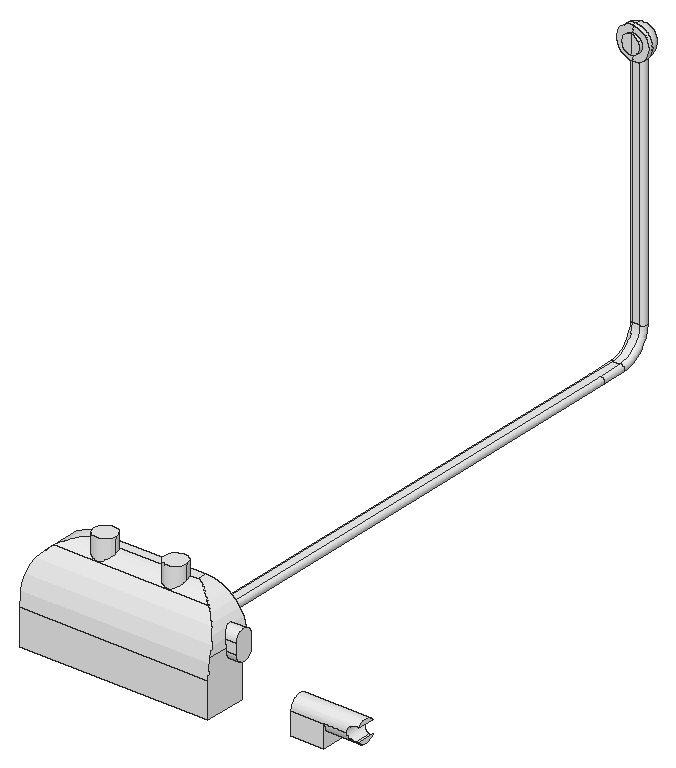
Revit family "Shower_System-Grohe-263790000", category Plumbing Fixtures, host Face, Revit 2018
Family settings
  Host = Face
  Round Connector Dimension = Use Diameter
  Part Type = Normal
  OmniClass Number = 23.45.05.14.17
  OmniClass Title = Showers
  Cut with Voids When Loaded = No
  Shared = Yes
  Room Calculation Point = No
Parameters (values of type "2637900000")
  Width = 7 3/8"
  Waste Connection = no
  Warranty Information = "Limited Lifetime Warranty"  # constant formula
  WFU = 4  # constant formula
  Vent Connection = no
  URL = "https://www.grohe.us/"
  Type Comments = ""
  Product Page URL = "https://www.grohe.us/Shower-Systems/Thermostatic-Shower-System/GROHE-CHROME-26379000"
  Product Documentation Link = "https://americanstandard.box.com/shared/static/j9remejnx6b91qgpwrghvku3dx3o4hbu.pdf"
  Price = "Prices may vary. Please consult Manufacturer Representative for most up-to-date price list."  # constant formula
  Model = "26379000"
  Material = "Metal-Grohe-000-StarLight Chrome"
  Manufacturer = "Grohe"  # constant formula
  Length = 13 13/16"
  Installation Type = "Wall-Mounted"  # constant formula
  Hot Water Connection Diameter = 1/2"  # constant formula
  Height = 42 15/16"
  HWFU = 3  # constant formula
  HW Connection = yes
  Flow Rate = "2.5 GPM"  # constant formula
  Description = "Shower System with Thermostat for Wall Mount"  # constant formula
  Default Elevation = 0"
  Creation Date = "03/23/2021"  # constant formula
  Cold Water Connection Diameter = 1/2"  # constant formula
  CWFU = 3  # constant formula
  CW Connection = yes
  Body Material = Metal-Grohe-000-StarLight Chrome
  Assembly Code = "D2010710"
Reference planes (in)
  plane 1 "Center (Front/Back)": y = 0
  plane 2: z = 0
  plane 3 "Center (Left/Right)": x = 0
  plane 4: y = 39.625
  plane 5: y = 1.40625
  plane 6: y = -1.40625
  plane 7: x = -6.40625
  plane 8: x = 7.40625
  plane 9: x = 6.40625
  plane 10: z = 0.25
  plane 11: z = 0.75
  plane 12: z = 0.5
  plane 13: x = 58.03955
  plane 14: y = 39.625
  plane 15: y = 42.9375
  plane 16: z = 7.375
  plane 17: x = 12.40625
  plane 18: x = 13.90625
  plane 19: x = 10.90625
Forms (in)
  Extrusion 1, solid, material "Metal-Grohe-000-StarLight Chrome" <- "Body Material"
    sketch origin (0.68751, 0, 0) x (0, 1, 0) y (0, 0, -1)
      loop
        line (1.79262, 0) -> (-1.51428, 0) -> (-1.51428, -2.39043)
        arc (-1.51428, -2.39043) -> (-1.13075, -4.3111) -> (-0.03901, -5.93718) r 5.00109
        arc (-0.03901, -5.93718) -> (0.62544, -6.36236) -> (1.40625, -6.47465) r 1.86409
        line (1.40625, -6.47465) -> (1.79262, -6.47465) -> (1.79262, 0)
    from -5.71874 to 7.09376
  Extrusion 2, void
    sketch origin (0.68751, 0, 0) x (1, 0, 0) y (0, 0, 1)
      loop
        arc (2.9523, 6.47465) -> (4.90847, 5.66438) -> (5.71874, 3.70821) r 2.76644
        line (5.71874, 3.70821) -> (6.90625, 3.70821) -> (6.90625, 7.70821) -> (-7.34375, 7.70821) -> (-7.34375, 3.70821) -> (-7.09376, 3.70821)
        arc (-7.09376, 3.70821) -> (-6.28349, 5.66438) -> (-4.32732, 6.47465) r 2.76644
        line (-4.32732, 6.47465) -> (2.9523, 6.47465)
    from -1.79262 to 1.83055
  Extrusion 3, void
    sketch origin (0.68751, 0, 7) x (1, 0, 0) y (0, 0, 1)
      loop
        arc (-4.32732, -6.05823) -> (-6.28349, -5.24796) -> (-7.09376, -3.29179) r 2.76644
        line (-7.09376, -3.29179) -> (-7.34375, -3.29179) -> (-7.34375, -7) -> (5.96873, -7) -> (5.96873, -3.29179) -> (5.71874, -3.29179)
        arc (5.71874, -3.29179) -> (4.90847, -5.24796) -> (2.9523, -6.05823) r 2.76644
        line (2.9523, -6.05823) -> (-4.32732, -6.05823)
    from -1.79262 to -1.35765
  Extrusion 4, solid, material "Metal-Grohe-000-StarLight Chrome" <- "Body Material"
    sketch origin (0, 0, 0.0625) x (1, 0, 0) y (0, 0, 1)
      loop
        line (0.25, 0.6875) -> (-0.25, 0.6875)
        arc (-0.25, 0.6875) -> (-0.5, 0.4375) -> (-0.25, 0.1875) r 0.25
        line (-0.25, 0.1875) -> (0.25, 0.1875)
        arc (0.25, 0.1875) -> (0.5, 0.4375) -> (0.25, 0.6875) r 0.25
    from -39.625 to 1
  Sweep 5, solid, material "Metal-Grohe-000-StarLight Chrome" <- "Body Material"
    path origin (0, 4.48043, -0.02225) x (0, 1, 0) y (0, 0, 1)
      loop
        line (35.14457, 0.5) -> (36.85604, 0.5)
        arc (36.85604, 0.5) -> (38.19473, 1.08436) -> (38.7791, 2.42306) r 2
        line (38.7791, 2.42306) -> (38.7791, 19.67306)
    profile origin (0, 42.67516, 1.06211) x (0, -0.707107, 0.707107) y (1, 0, 0)
      loop
        arc (0.27225, 0.25) -> (0.02225, 0.5) -> (-0.22775, 0.25) r 0.25
        line (-0.22775, 0.25) -> (-0.22775, -0.25)
        arc (-0.22775, -0.25) -> (0.02225, -0.5) -> (0.27225, -0.25) r 0.25
        line (0.27225, -0.25) -> (0.27225, 0.25)
  Revolve 6, solid, material "Metal-Grohe-000-StarLight Chrome" <- "Body Material"
    sketch origin (0, 4.49592, 0) x (0, 1, 0) y (0, 0, 1)
      loop
        arc (39.56296, 19.66654) -> (39.24569, 20.45446) -> (38.46203, 20.7821) r 1.10103
        line (38.46203, 20.7821) -> (38.21203, 20.7821) -> (38.21203, 20.2821) -> (38.03035, 20.2821) -> (38.03035, 19.66654) -> (39.56296, 19.66654)
      axis (39.56296, 19.66654) -> (38.03035, 19.66654)
    angle from 0 to 360
  Extrusion 7, solid, material "Metal-Grohe-000-StarLight Chrome" <- "Body Material"
    sketch origin (-58.03955, -12.42802, 0) x (1, 0, 0) y (0, 1, 0)
      loop
        circle (55.63853, 12.42802) r 0.25
      loop
        circle (60.44058, 12.42802) r 0.25
    from -0.06193 to 0.5 <- "Hot Water Connection Diameter"
  Extrusion 8, solid, material "Metal-Grohe-000-StarLight Chrome" <- "Body Material"
    sketch origin (-58.03955, -12.33427, 0) x (1, 0, 0) y (0, 1, 0)
      loop
        circle (55.63853, 13.08427) r 0.75
      loop
        circle (60.44058, 13.08427) r 0.75
    from 5.76655 to 7.375
  Extrusion 9, solid, material "Metal-Grohe-000-StarLight Chrome" <- "Body Material"
    sketch origin (0, 0, 0) x (0, 1, 0) y (0, 0, 1)
      loop
        arc (1.25, 4.27487) -> (0.625, 4.89987) -> (0, 4.27487) r 0.625
        line (0, 4.27487) -> (0, 3.53403)
        arc (0, 3.53403) -> (0.625, 2.90903) -> (1.25, 3.53403) r 0.625
        line (1.25, 3.53403) -> (1.25, 4.27487)
    from 5.67461 to 7.14732
  Extrusion 10, solid, material "Metal-Grohe-000-StarLight Chrome" <- "Body Material"
    sketch origin (0, 0, 0.25) x (0, 1, 0) y (0, 0, 1)
      loop
        circle (0.70312, 1.25) r 0.75
    from 10.90625 to 15.3991
  Extrusion 11, solid, material "Metal-Grohe-000-StarLight Chrome" <- "Body Material"
    sketch origin (0, 0, 0) x (1, 0, 0) y (0, 1, 0)
      loop
        line (10.90625, 1.45312) -> (10.90625, -0.04688) -> (13.15625, -0.04688) -> (13.15625, 1.45312) -> (10.90625, 1.45312)
    from 0 to 1.50179
  Extrusion 12, void
    sketch origin (0.875, 42.98728, 2.40614) x (0, 0, -1) y (-1, 0, 0)
      loop
        circle (0.90704, -14.30084) r 0.5
    from -43.98728 to -41.19466
Cuts and joins
  Extrusion 2, Extrusion 3 cuts Extrusion 1
  joined: Extrusion 1, Extrusion 7, Extrusion 8, Extrusion 9
  joined: Extrusion 4, Sweep 5, Revolve 6
  Extrusion 12 cuts Extrusion 10
  joined: Extrusion 10, Extrusion 11
Lines and regions (in)
  Masking region 1
    outline origin (0, 0, 0) x (1, 0, 0) y (0, 0, 1)
      loop
        arc (0.50005, 18.66933) -> (1.08557, 19.92347) -> (0, 20.7821) r 1.11556
        arc (0, 20.7821) -> (-1.08564, 19.92315) -> (-0.49946, 18.66903) r 1.11556
        line (-0.49946, 18.66903) -> (-0.49946, 6.47465) -> (-1.65103, 6.47465) -> (-1.65103, 7.375) -> (-3.15103, 7.375) -> (-3.15103, 6.47465) -> (-3.63981, 6.47465)
        arc (-3.63981, 6.47465) -> (-5.59598, 5.66438) -> (-6.40625, 3.70821) r 2.76644
        line (-6.40625, 3.70821) -> (-6.40625, 0) -> (6.40625, 0) -> (6.40625, 2.90903) -> (7.14732, 2.90903) -> (7.14732, 4.89987) -> (6.13644, 4.89987)
        arc (6.13644, 4.89987) -> (5.1157, 6.04807) -> (3.63981, 6.47465) r 2.76644
        line (3.63981, 6.47465) -> (3.15193, 6.47465) -> (3.15193, 7.37651) -> (1.65193, 7.37651) -> (1.65193, 6.47465) -> (0.50005, 6.47465) -> (0.50005, 18.66933)
      loop
        line (10.90625, 0) -> (13.15625, 0) -> (13.15625, 0.75) -> (15.3991, 0.75) -> (15.3991, 2.25) -> (10.90625, 2.25) -> (10.90625, 0)
  symbolic lines, detail levels medium+fine
    curve 1: line (3.15193, 42.98728, 6.47465) -> (1.65193, 42.98728, 6.47465)
    curve 4: arc (6.40625, 42.98728, 3.70821) -> (5.59598, 42.98728, 1.75204) -> (3.63981, 42.98728, 0.94177) r 2.76644
    curve 5: line (3.63981, 42.98728, 0.94177) -> (0.50005, 42.98728, 0.94177)
    curve 6: arc (-3.63981, 42.98728, 0.94177) -> (-5.59598, 42.98728, 1.75204) -> (-6.40625, 42.98728, 3.70821) r 2.76644
    curve 9: line (0.50005, 42.98728, 0.25) -> (-0.49946, 42.98728, 0.25)
    curve 10: line (-1.65103, 42.98728, 6.47465) -> (-3.15103, 42.98728, 6.47465)
    curve 11: line (-0.49946, 42.98728, 0.94177) -> (-3.63981, 42.98728, 0.94177)
    curve 12: line (0.50005, 42.98728, 18.66933) -> (0.50005, 42.98728, 19.66933)
    curve 13: line (0.50005, 42.98728, 19.66933) -> (-0.49995, 42.98728, 19.66933)
    curve 14: line (-0.49995, 42.98728, 19.66933) -> (-0.49995, 42.98728, 18.66928)
  symbolic lines
    curve 2: arc (6.13644, 42.98728, 4.89987) -> (6.33795, 42.98728, 4.31912) -> (6.40625, 42.98728, 3.70821) r 2.76644
    curve 3: line (6.40625, 42.98728, 2.90903) -> (6.40625, 42.98728, 3.70821)
    curve 7: line (0.50005, 42.98728, 6.47465) -> (0.50005, 42.98728, 0.25)
    curve 8: line (-0.49946, 42.98728, 6.47465) -> (-0.49946, 42.98728, 0.25)
  symbolic lines, detail levels fine
    curve 15: line (13.78125, 42.98728, 0) -> (13.78125, 42.98728, 1.50179)
    curve 16: circle (15.17584, 42.98728, 1.4991) r 0.5 normal (0, 1, 0)
Dimensions and locks (in)
  plane 9 to plane 3 "Center (Left/Right)" to plane 7 = 6 13/32" locked, 6 13/32" locked
  plane 11 to plane 10 = 1/2"
  plane 10 to plane 11 = 1/2"
  host face to plane 10 = 1/4"
  plane 1 "Center (Front/Back)" to plane 14 = 39 5/8"
  plane 15 to plane 14 = 3 5/16"
  "Length": plane 7 to plane 8
  "Height": plane 1 "Center (Front/Back)" to plane 15
  host face to plane 16 = 7 3/8"
  "Width": plane 16 to host face
  locked: plane 9 to plane 17 at 6
  "Hot Water Connection Diameter": diameter of Extrusion 7 sketch curve
  "Cold Water Connection Diameter": diameter of Extrusion 7 sketch curve
  aligned and locked: plane 2 to host face
  aligned and locked: level to host face
  aligned and locked: Extrusion 3 to level
  aligned and locked: plane 1 "Center (Front/Back)" to Extrusion 7 sketch curve  (x2)
  aligned and locked: plane 14 to cut or joined group of Extrusion 4, Sweep 5, Revolve 6
  aligned and locked: plane 16 to Extrusion 8
  aligned and locked: Extrusion 9 sketch curve to plane 1 "Center (Front/Back)"
  aligned and locked: cut or joined group of Extrusion 1, Extrusion 2, Extrusion 3, Extrusion 7, Extrusion 8, Extrusion 9 to curve 1
  aligned and locked: cut or joined group of Extrusion 1, Extrusion 2, Extrusion 3, Extrusion 7, Extrusion 8, Extrusion 9 to curve 3
  aligned and locked: curve 16 to cut or joined group of Extrusion 10, Extrusion 11, Extrusion 12
Automatic sketch dimensions
  host sketch curve to host sketch curve = 96"  (x2)
  Extrusion 2 sketch curve to plane 7 = 0"
  Extrusion 2 sketch curve to plane 9 = 0"
  Extrusion 2 sketch curve to plane 7 = 1/4"
  Extrusion 2 sketch curve to Extrusion 2 sketch curve = 2.76644"
  Extrusion 2 sketch curve to plane 9 = 2.76644"
  plane 8 to Extrusion 2 sketch curve = 3/16"
  plane 11 to Extrusion 2 sketch curve = 2.95821"
  Extrusion 2 sketch curve to Extrusion 2 sketch curve = 1.23356"
  Extrusion 4 sketch curve to plane 11 = 0"
  Extrusion 4 sketch curve to plane 10 = 0"
  Extrusion 4 sketch curve to plane 3 "Center (Left/Right)" = 1/4"
  plane 3 "Center (Left/Right)" to Extrusion 4 sketch curve = 1/4"
  Sweep 5 sketch curve to plane 12 = 0.02225"
  plane 11 to Sweep 5 sketch curve = 1.72633"
  Sweep 5 sketch curve to Sweep 5 sketch curve = 1.99857"
  Sweep 5 sketch curve to Sweep 5 sketch curve = 1.71147"
  Sweep 5 sketch curve to Sweep 5 sketch curve = 17 1/4"
  profile plane to Sweep 5 sketch curve = 0.22775"
  Sweep 5 sketch curve to profile plane = 0.02225"
  Sweep 5 sketch curve to plane 3 "Center (Left/Right)" = 1/4"
  plane 3 "Center (Left/Right)" to Sweep 5 sketch curve = 1/4"
  Revolve 6 sketch curve to plane 4 = 4.43388"
  plane 11 to Revolve 6 sketch curve = 18.91654"
  Revolve 6 sketch curve to Revolve 6 sketch curve = 0.01453"
  Revolve 6 sketch curve to Revolve 6 sketch curve = 1/2"
  Revolve 6 sketch curve to Revolve 6 sketch curve = 0.66925"
  Revolve 6 sketch curve to Revolve 6 sketch curve = 0"  (x2)
  plane 5 to Extrusion 8 sketch curve = 21/32"  (x2)
  Extrusion 8 sketch curve to plane 3 "Center (Left/Right)" = 2.40103"
  plane 3 "Center (Left/Right)" to Extrusion 8 sketch curve = 2.40103"
  Sweep 5 sketch curve to plane 4 = 1.63595"
  Sweep 5 sketch curve to plane 4 = 0"
  Revolve 6 sketch curve to Revolve 6 sketch curve = 1.10093"
  Revolve 6 sketch curve to Revolve 6 sketch curve = 1/4"
  Revolve 6 sketch curve to Revolve 6 sketch curve = 0.18168"
  Extrusion 1 sketch curve to level = 0"
  Extrusion 1 sketch curve to plane 5 = 0"
  plane 5 to Extrusion 1 sketch curve = 0.13106"
  plane 6 to Extrusion 1 sketch curve = 0.10803"
  Extrusion 1 sketch curve to Extrusion 1 sketch curve = 0.38637"
  Extrusion 1 sketch curve to plane 5 = 2.08056"
  plane 11 to Extrusion 1 sketch curve = 1.64043"
  Extrusion 1 sketch curve to plane 16 = 2.75982"
  Extrusion 1 sketch curve to plane 16 = 0.90035"
  Extrusion 3 sketch curve to level = 0"
  Extrusion 3 sketch curve to plane 7 = 0"
  Extrusion 3 sketch curve to plane 9 = 0"
  plane 7 to Extrusion 3 sketch curve = 1/4"
  Extrusion 3 sketch curve to Extrusion 3 sketch curve = 2.76644"
  plane 9 to Extrusion 3 sketch curve = 2.76644"
  Extrusion 3 sketch curve to Extrusion 3 sketch curve = 1/4"
  Extrusion 3 sketch curve to plane 11 = 0.19177"
  Extrusion 9 sketch curve to Extrusion 9 sketch curve = 5/8"
  plane 11 to Extrusion 9 sketch curve = 2.78403"
  Extrusion 9 sketch curve to Extrusion 9 sketch curve = 0.74084"
  Extrusion 10 sketch curve to plane 1 "Center (Front/Back)" = 45/64"
  plane 11 to Extrusion 10 sketch curve = 3/4"
  Extrusion 11 sketch curve to plane 19 = 0"
  plane 1 "Center (Front/Back)" to Extrusion 11 sketch curve = 3/64"
  plane 17 to Extrusion 11 sketch curve = 3/4"
  Extrusion 11 sketch curve to plane 5 = 3/64"
  Sweep 5 to Extrusion 12 sketch curve = 0.90704"
  Sweep 5 to Extrusion 12 sketch curve = 14.92584"
  Masking region 1 sketch curve to Masking region 1 sketch curve = 0"
  Masking region 1 sketch curve to level = 0"  (x2)
  Masking region 1 sketch curve to plane 7 = 0"
  Masking region 1 sketch curve to plane 16 = 0"
  Masking region 1 sketch curve to plane 3 "Center (Left/Right)" = 0"
  Masking region 1 sketch curve to plane 9 = 0"
  Masking region 1 sketch curve to plane 19 = 0"
  Masking region 1 sketch curve to plane 11 = 0"
  Masking region 1 sketch curve to Masking region 1 sketch curve = 2.76644"
  Masking region 1 sketch curve to Masking region 1 sketch curve = 0.48878"
  Masking region 1 sketch curve to Masking region 1 sketch curve = 1 1/2"  (x2)
  Masking region 1 sketch curve to plane 3 "Center (Left/Right)" = 0.49946"
  plane 3 "Center (Left/Right)" to Masking region 1 sketch curve = 0.50005"
  Masking region 1 sketch curve to Masking region 1 sketch curve = 1.15188"
  plane 16 to Masking region 1 sketch curve = 0.00151"
  Masking region 1 sketch curve to Masking region 1 sketch curve = 0.48788"
  Masking region 1 sketch curve to plane 9 = 0.26981"
  Masking region 1 sketch curve to plane 8 = 0.25893"
  plane 17 to Masking region 1 sketch curve = 3/4"
  plane 11 to Masking region 1 sketch curve = 2.15903"
  Masking region 1 sketch curve to Masking region 1 sketch curve = 0.79918"
  plane 11 to Masking region 1 sketch curve = 2.95821"
  Masking region 1 sketch curve to Masking region 1 sketch curve = 1.99084"
  Masking region 1 sketch curve to plane 16 = 0.90035"  (x2)
  plane 16 to Masking region 1 sketch curve = 11.29403"
  Masking region 1 sketch curve to Masking region 1 sketch curve = 0.0003"
  plane 18 to Masking region 1 sketch curve = 1.49285"
  plane 11 to Masking region 1 sketch curve = 1 1/2"
  curve 2 to curve 4 = 0"  (x2)
  curve 5 to Sweep 5 = 1.46437"
  curve 11 to Sweep 5 = 1.46437"
  curve 7 to Sweep 5 = 0.25005"
  curve 7 to curve 5 = 0.69177"
  Sweep 5 to curve 3 = 1.30207"
  Sweep 5 to curve 6 = 1.30207"
  curve 12 to Sweep 5 = 0.01852"
  curve 5 to curve 5 = 3.13976"
  curve 12 to Sweep 5 = 0.25005"
  curve 8 to Sweep 5 = 0.24946"
  curve 13 to Sweep 5 = 0.24995"
  curve 11 to curve 11 = 3.14035"
  curve 15 to curve 16 = 1.4991"
  curve 15 to Sweep 5 = 0.90435"
  Sweep 5 to curve 3 = 0.50289"
  curve 4 to curve 2 = 1.19166"
  curve 8 to curve 1 = 0"
  curve 7 to curve 8 = 0"
  curve 10 to curve 8 = 0"
  Sweep 5 to curve 14 = 0.98153"
  Sweep 5 to curve 12 = 0.98148"
  curve 16 to curve 15 = 1.39459"
  curve 1 to curve 7 = 2.65188"
  curve 1 to curve 7 = 1.15188"
  curve 8 to curve 10 = 1.15157"
  curve 10 to curve 10 = 1 1/2"
  Extrusion 7 sketch curve to plane 3 "Center (Left/Right)" = 2.40103"
  plane 3 "Center (Left/Right)" to Extrusion 7 sketch curve = 2.40103"
  radius of Extrusion 8 sketch curve = 3/4"  (x2)
  radius of Extrusion 10 sketch curve = 3/4"
  radius of Extrusion 12 sketch curve = 1/2"
Connectors (in)
  piping at (2.40103, 0, -0.06193), diameter 0.5, driven by "Cold Water Connection Diameter", driven by "CWFU"
    settings: on cut or joined group of Extrusion 1, Extrusion 2, Extrusion 3, Extrusion 7, Extrusion 8, Extrusion 9, index 1, connector inside diameter 24", connector length 0", flow factor 0, pipe flow 0 GPM, pressure drop 0.00 psi, fitting loss kfactor 0, connector angle 0.00°, fixture units 3, engagement length 0", angle of deflection 0.00°, flow configuration 3, flow direction 1, fitting loss method 0, system type 20, joint type 0, gender type 0, connector reference index -1, connector utility 0, adjustable connector no, is connector primary yes, connector description "Cold Water Connector"
  piping at (-2.40103, 0, 0), diameter 0.5, driven by "Hot Water Connection Diameter", driven by "HWFU"
    settings: on cut or joined group of Extrusion 1, Extrusion 2, Extrusion 3, Extrusion 7, Extrusion 8, Extrusion 9, index 2, connector inside diameter 24", connector length 0", flow factor 0, pipe flow 0 GPM, pressure drop 0.00 psi, fitting loss kfactor 0, connector angle 0.00°, fixture units 3, engagement length 0", angle of deflection 0.00°, flow configuration 3, flow direction 1, fitting loss method 0, system type 19, joint type 0, gender type 0, connector reference index -1, connector utility 0, adjustable connector no, is connector primary no, connector description "Hot Water Connector"
